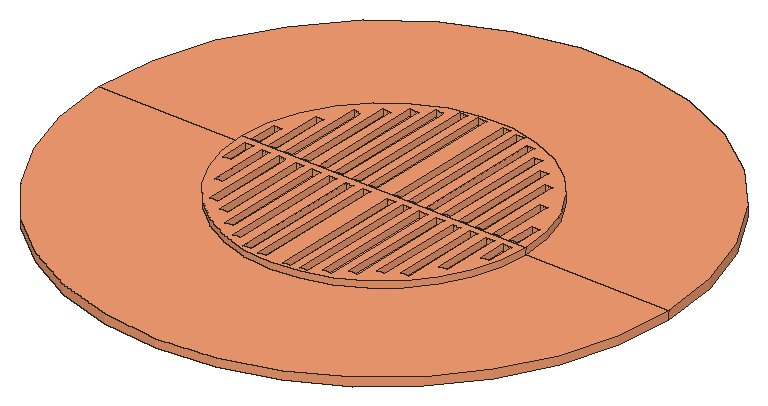
Revit family "Drain_Floor-Jay R.Smith-Round-Type-DX2312_Series", category Plumbing Fixtures, Revit 2019
Family settings
  Round Connector Dimension = Use Radius
  Part Type = Normal
  OmniClass Number = 23.70.50.21.24
  OmniClass Title = Waste Water Drains
  Work Plane-Based = Yes
  Always vertical = Yes
  Cut with Voids When Loaded = No
  Shared = No
  Room Calculation Point = No
Parameters (values of type "DX2312T 02")
  Waste Connection = yes
  Vent Connection = no
  URL = "http://www.jrsmith.com"
  U - Vandal Proof Grate = no
  Type Comments = "Less Bucket"
  T - Threaded Outlet = no
  Strainer Diameter = 8 1/2"  # constant formula
  SH - Securing Holes = no
  Quad Close Trap Seal = no
  Product Page URL = "https://www.jrsmith.com/floor-drain-dx2312"
  Product Documentation Link = "https://www.jrsmith.com/uploads/fileLibrary/ddx2312.pdf"
  PB - Polished Bronze Top = no
  Outlet Connection Description = "2\" Threaded Outlet Connection"
  NO-HUB Adaptor = no
  NB - Nickel Bronze Top = no
  Model = "DX2312T 02"
  Material = "Cast Iron-Jay R Smith-Duco Coated"
  Manufacturer = "Jay R. Smith "  # constant formula
  Load Rating = "'Light Duty having a Safe Live (Static) Load less than 2,000 lbs. (900 kg) per ASME A112.6.3 Floor Drain Standard."  # constant formula
  Height = Adjustable Height Constraint + Body Height  # 3 11/16"
  HW Connection = no
  G - Galvanized Cast Iron = no
  Finish = Cast Iron-Jay R Smith-Duco Coated
  Diameter = 17"  # constant formula
  Description = "Floor Drain with Adjustable Lip Dimension"  # constant formula
  Default Elevation = 0"
  Creation Date = "06/27/2023"  # constant formula
  Connection Size = 2"
  Connection Radius = Connection Size / 2  # 1"
  CW Connection = no
  Body Height = 3 1/2"
  Assembly Code = "D2030300"
  Adjustable Height Constraint = if(Adjustable Height < 3/16", 3/16", if(Adjustable Height > 5/8", 5/8", Adjustable Height))  # 3/16"
  Adjustable Height = 3/16"
Types (12): name | Type Comments | Outlet Connection Description | Model | Height | Connection Size | Connection Radius | Body Height
  DX2312C 02 | "Less Bucket" | "2\" Caulk Outlet Connection" | "DX2312C 02" | 4 11/16" | 2" | 1" | 4 1/2"
  DX2312C 03 | "Less Bucket" | "3\" Caulk Outlet Connection" | "DX2312C 03" | 4 11/16" | 3" | 1 1/2" | 4 1/2"
  DX2312C 04 | "Less Bucket" | "4\" Caulk Outlet Connection" | "DX2312C 04" | 4 11/16" | 4" | 2" | 4 1/2"
  DX2312CB 02 | "Safe Set Bucket" | "2\" Caulk Outlet Connection" | "DX2312CB 02" | 4 11/16" | 2" | 1" | 4 1/2"
  DX2312CB 03 | "Safe Set Bucket" | "3\" Caulk Outlet Connection" | "DX2312CB 03" | 4 11/16" | 3" | 1 1/2" | 4 1/2"
  DX2312CB 04 | "Safe Set Bucket" | "4\" Caulk Outlet Connection" | "DX2312CB 04" | 4 11/16" | 4" | 2" | 4 1/2"
  DX2312T 02 | "Less Bucket" | "2\" Threaded Outlet Connection" | "DX2312T 02" | 3 11/16" | 2" | 1" | 3 1/2"
  DX2312T 03 | "Less Bucket" | "3\" Threaded Outlet Connection" | "DX2312T 03" | 3 11/16" | 3" | 1 1/2" | 3 1/2"
  DX2312T 04 | "Less Bucket" | "4\" Threaded Outlet Connection" | "DX2312T 04" | 3 11/16" | 4" | 2" | 3 1/2"
  DX2312TB 02 | "Safe Set Bucket" | "2\" Threaded Outlet Connection" | "DX2312TB 02" | 3 11/16" | 2" | 1" | 3 1/2"
  DX2312TB 03 | "Safe Set Bucket" | "3\" Threaded Outlet Connection" | "DX2312TB 03" | 3 11/16" | 3" | 1 1/2" | 3 1/2"
  DX2312TB 04 | "Safe Set Bucket" | "4\" Threaded Outlet Connection" | "DX2312TB 04" | 3 11/16" | 4" | 2" | 3 1/2"
Reference planes (in)
  plane 1 "Center (Front/Back)": y = 0
  plane 2: z = 0
  plane 3 "Center (Left/Right)": x = -0.54782
  plane 4: x = -9.04782
  plane 5: x = 7.95218
  plane 6: x = -4.79782
  plane 7: x = 3.70218
  plane 8: z = -3.1875
  plane 9: z = -3.6875
  plane 10: z = -0.1875
Forms (in)
  Revolve 1, solid, material "Cast Iron-Jay R Smith-Duco Coated" <- "Finish"
    sketch origin (0, 0, 0) x (1, 0, 0) y (0, 0, 1)
      loop
        line (3.70218, -0.4375) -> (7.95218, -0.4375) -> (7.95218, -0.1875) -> (3.70218, -0.1875) -> (3.70218, 0) -> (-0.54782, 0) -> (-0.54782, -3.1875) -> (1.88261, -3.1875)
        arc (1.88261, -3.1875) -> (1.98392, -3.14554) -> (2.02588, -3.04422) r 0.14328
        line (2.02588, -3.04422) -> (2.02588, -2.70776) -> (2.45862, -2.70776)
        arc (2.45862, -2.70776) -> (2.66597, -2.66651) -> (2.84175, -2.54906) r 0.54182
        line (2.84175, -2.54906) -> (3.39016, -2.00065) -> (3.39016, -1.03489)
        arc (3.39016, -1.03489) -> (3.41868, -0.96603) -> (3.48755, -0.9375) r 0.09739
        line (3.48755, -0.9375) -> (3.55426, -0.9375)
        arc (3.55426, -0.9375) -> (3.65886, -0.89418) -> (3.70218, -0.78958) r 0.14792
        line (3.70218, -0.78958) -> (3.70218, -0.4375)
      axis (-0.54782, 0) -> (-0.54782, -3.1875)
    angle from 0 to 360
  Revolve 2, solid, material "Cast Iron-Jay R Smith-Duco Coated" <- "Finish"
    sketch origin (0, 0, 0) x (1, 0, 0) y (0, 0, 1)
      loop
        line (-0.54782, -2.00065) -> (-0.54782, -3.6875) -> (0.45218, -3.6875) -> (0.45218, -2.00065) -> (-0.54782, -2.00065)
      axis (-0.54782, -2.00065) -> (-0.54782, -3.6875)
    angle from 0 to 360
  Extrusion 3, void
    sketch origin (0, 0, 0) x (1, 0, 0) y (0, 1, 0)
      loop
        line (-4.02062, 1.78613) -> (-4.02062, 0.03019) -> (-3.77062, 0.03019) -> (-3.77062, 1.78613) -> (-4.02062, 1.78613)
      loop
        line (-4.02062, -1.96387) -> (-3.77062, -1.96387) -> (-3.77062, -0.20793) -> (-4.02062, -0.20793) -> (-4.02062, -1.96387)
      loop
        line (-3.52062, 2.59721) -> (-3.52062, 0.03019) -> (-3.27062, 0.03019) -> (-3.27062, 2.59721) -> (-3.52062, 2.59721)
      loop
        line (-3.52062, -2.77495) -> (-3.27062, -2.77495) -> (-3.27062, -0.20793) -> (-3.52062, -0.20793) -> (-3.52062, -2.77495)
      loop
        line (-4.52062, 0.84663) -> (-4.52062, 0.03019) -> (-4.27062, 0.03019) -> (-4.27062, 0.84663) -> (-4.52062, 0.84663)
      loop
        line (-4.52062, -1.02436) -> (-4.27062, -1.02436) -> (-4.27062, -0.20793) -> (-4.52062, -0.20793) -> (-4.52062, -1.02436)
      loop
        line (-3.02062, 3.04415) -> (-3.02062, 0.03019) -> (-2.77062, 0.03019) -> (-2.77062, 3.04415) -> (-3.02062, 3.04415)
      loop
        line (-2.52062, 3.45087) -> (-2.52062, 0.03019) -> (-2.27062, 0.03019) -> (-2.27062, 3.45087) -> (-2.52062, 3.45087)
      loop
        line (-2.02062, 3.79501) -> (-2.02062, 0.03019) -> (-1.77062, 0.03019) -> (-1.77062, 3.79501) -> (-2.02062, 3.79501)
      loop
        line (-1.52062, 4.03636) -> (-1.52062, 0.03019) -> (-1.27062, 0.03019) -> (-1.27062, 4.03636) -> (-1.52062, 4.03636)
      loop
        line (-1.02062, 4.10238) -> (-1.02062, 0.03019) -> (-0.77062, 0.03019) -> (-0.77062, 4.10238) -> (-1.02062, 4.10238)
      loop
        line (-3.02062, -3.04415) -> (-2.77062, -3.04415) -> (-2.77062, -0.20793) -> (-3.02062, -0.20793) -> (-3.02062, -3.04415)
      loop
        line (-2.52062, -3.45087) -> (-2.27062, -3.45087) -> (-2.27062, -0.20793) -> (-2.52062, -0.20793) -> (-2.52062, -3.45087)
      loop
        line (-2.02062, -3.79501) -> (-1.77062, -3.79501) -> (-1.77062, -0.20793) -> (-2.02062, -0.20793) -> (-2.02062, -3.79501)
      loop
        line (-1.52062, -4.03636) -> (-1.27062, -4.03636) -> (-1.27062, -0.20793) -> (-1.52062, -0.20793) -> (-1.52062, -4.03636)
      loop
        line (-1.02062, -4.099) -> (-0.77062, -4.099) -> (-0.77062, -0.20793) -> (-1.02062, -0.20793) -> (-1.02062, -4.099)
      loop
        line (2.92499, 1.78613) -> (2.67499, 1.78613) -> (2.67499, 0.03019) -> (2.92499, 0.03019) -> (2.92499, 1.78613)
      loop
        line (2.92499, -1.96387) -> (2.92499, -0.20793) -> (2.67499, -0.20793) -> (2.67499, -1.96387) -> (2.92499, -1.96387)
      loop
        line (2.42499, 2.59721) -> (2.17499, 2.59721) -> (2.17499, 0.03019) -> (2.42499, 0.03019) -> (2.42499, 2.59721)
      loop
        line (2.42499, -2.77495) -> (2.42499, -0.20793) -> (2.17499, -0.20793) -> (2.17499, -2.77495) -> (2.42499, -2.77495)
      loop
        line (3.42499, 0.84663) -> (3.17499, 0.84663) -> (3.17499, 0.03019) -> (3.42499, 0.03019) -> (3.42499, 0.84663)
      loop
        line (3.42499, -1.02436) -> (3.42499, -0.20793) -> (3.17499, -0.20793) -> (3.17499, -1.02436) -> (3.42499, -1.02436)
      loop
        line (1.92499, 3.04415) -> (1.67499, 3.04415) -> (1.67499, 0.03019) -> (1.92499, 0.03019) -> (1.92499, 3.04415)
      loop
        line (1.42499, 3.45087) -> (1.17499, 3.45087) -> (1.17499, 0.03019) -> (1.42499, 0.03019) -> (1.42499, 3.45087)
      loop
        line (0.92499, 3.79501) -> (0.67499, 3.79501) -> (0.67499, 0.03019) -> (0.92499, 0.03019) -> (0.92499, 3.79501)
      loop
        line (0.42499, 4.03636) -> (0.17499, 4.03636) -> (0.17499, 0.03019) -> (0.42499, 0.03019) -> (0.42499, 4.03636)
      loop
        line (1.92499, -3.04415) -> (1.92499, -0.20793) -> (1.67499, -0.20793) -> (1.67499, -3.04415) -> (1.92499, -3.04415)
      loop
        line (1.42499, -3.45087) -> (1.42499, -0.20793) -> (1.17499, -0.20793) -> (1.17499, -3.45087) -> (1.42499, -3.45087)
      loop
        line (0.92499, -3.79501) -> (0.92499, -0.20793) -> (0.67499, -0.20793) -> (0.67499, -3.79501) -> (0.92499, -3.79501)
      loop
        line (0.42499, -4.03636) -> (0.42499, -0.20793) -> (0.17499, -0.20793) -> (0.17499, -4.03636) -> (0.42499, -4.03636)
      loop
        line (-0.03113, 4.10238) -> (-0.28113, 4.10238) -> (-0.28113, 0.03019) -> (-0.03113, 0.03019) -> (-0.03113, 4.10238)
      loop
        line (-0.03113, -4.099) -> (-0.03113, -0.20793) -> (-0.28113, -0.20793) -> (-0.28113, -4.099) -> (-0.03113, -4.099)
    from -0.1875 to 0
Cuts and joins
  Extrusion 3 cuts Revolve 1
Lines and regions (in)
  symbolic lines, detail levels fine
    curve 1: circle (-0.52587, 0, 0) r 4.5 normal (0, 0, 1)
Dimensions and locks (in)
  "Connection Radius": Revolve 2 sketch curve to Revolve 2 sketch curve
  equal spacing: plane 5, plane 3 "Center (Left/Right)", plane 4
  "Diameter": plane 5 to plane 4
  equal spacing: plane 7, plane 3 "Center (Left/Right)", plane 6
  "Strainer Diameter": plane 7 to plane 6
  "Adjustable Height Constraint": level to plane 10
  "Body Height": plane 10 to plane 9
  locked: Revolve 1 sketch curve to Revolve 1 sketch curve at 0.25
  locked: plane 10 to plane 8 at 3
  aligned and locked: Revolve 1 sketch curve to plane 3 "Center (Left/Right)"
  aligned and locked: level to Revolve 1 sketch curve
  aligned and locked: Revolve 2 sketch curve to plane 3 "Center (Left/Right)"
  aligned and locked: plane 3 "Center (Left/Right)" to Revolve 2 sketch curve
  aligned and locked: Revolve 1 to Extrusion 3
  aligned and locked: Revolve 1 sketch curve to plane 5
  aligned and locked: Revolve 1 sketch curve to plane 7
  aligned and locked: plane 8 to Revolve 1 sketch curve
  aligned and locked: plane 9 to Revolve 2 sketch curve
  aligned and locked: Revolve 2 sketch curve to cut or joined group of Revolve 1, Extrusion 3
  aligned and locked: plane 10 to Revolve 1 sketch curve
Automatic sketch dimensions
  plane 1 "Center (Front/Back)" to curve 1 = 0"
  plane 3 "Center (Left/Right)" to curve 1 = 0.02194"
  plane 6 to Extrusion 3 sketch curve = 0.27719"
  Extrusion 3 sketch curve to Extrusion 3 sketch curve = 0"  (x23)
  Extrusion 3 sketch curve to Extrusion 3 sketch curve = 1/4"  (x36)
  Extrusion 3 sketch curve to plane 1 "Center (Front/Back)" = 0.03019"  (x16)
  Extrusion 3 sketch curve to plane 3 "Center (Left/Right)" = 0.22281"  (x2)
  plane 3 "Center (Left/Right)" to Extrusion 3 sketch curve = 0.26669"
  Extrusion 3 sketch curve to Extrusion 3 sketch curve = 0.20612"  (x2)
  plane 7 to Extrusion 3 sketch curve = 0.52719"
  plane 1 "Center (Front/Back)" to Extrusion 3 sketch curve = 0.20793"  (x15)
  Extrusion 3 sketch curve to Extrusion 3 sketch curve = 0.81644"  (x4)
  Extrusion 3 sketch curve to Extrusion 3 sketch curve = 0.9395"  (x4)
  Extrusion 3 sketch curve to Extrusion 3 sketch curve = 0.81108"  (x4)
  Extrusion 3 sketch curve to Extrusion 3 sketch curve = 0.26921"  (x2)
  Extrusion 3 sketch curve to Extrusion 3 sketch curve = 0.40671"  (x4)
  Extrusion 3 sketch curve to Extrusion 3 sketch curve = 0.34414"  (x4)
  Extrusion 3 sketch curve to Extrusion 3 sketch curve = 0.24135"  (x4)
  Extrusion 3 sketch curve to Extrusion 3 sketch curve = 0.06264"
  Extrusion 3 sketch curve to Extrusion 3 sketch curve = 0.44694"  (x2)
  Extrusion 3 sketch curve to Extrusion 3 sketch curve = 0.06602"  (x2)
  Revolve 1 sketch curve to plane 3 "Center (Left/Right)" = 0"
  plane 7 to Revolve 1 sketch curve = 0"
  plane 7 to Revolve 1 sketch curve = 1.81958"
  Revolve 1 sketch curve to Revolve 1 sketch curve = 0.14328"
  Revolve 1 sketch curve to Revolve 1 sketch curve = 0.43274"
  Revolve 1 sketch curve to Revolve 1 sketch curve = 0.38313"
  plane 7 to Revolve 1 sketch curve = 0.31203"
  Revolve 1 sketch curve to Revolve 1 sketch curve = 0.09739"
  Revolve 1 sketch curve to Revolve 1 sketch curve = 0.06671"
  Revolve 1 sketch curve to Revolve 1 sketch curve = 0.33647"
  Revolve 1 sketch curve to Revolve 1 sketch curve = 0.1587"
  Revolve 1 sketch curve to Revolve 1 sketch curve = 0.54841"
  Revolve 1 sketch curve to Revolve 1 sketch curve = 0.96576"
  Revolve 1 sketch curve to plane 9 = 14 1/2"
  Revolve 1 sketch curve to Revolve 1 sketch curve = 1 3/4"
  Revolve 2 sketch curve to plane 9 = 1 3/4"
  level to Revolve 2 sketch curve = 1 3/4"
  radius of curve 1 = 4 1/2"
Connectors (in)
  piping at (-0.54782, 0, -3.6875), diameter 2, driven by "Connection Radius", driven by "Outlet Connection Description"
    settings: on Revolve 2, index 1, connector inside diameter 24", connector length 0", flow factor 0, pipe flow 0 GPM, pressure drop 0.00 psi, fitting loss kfactor 0, connector angle 0.00°, fixture units 0, engagement length 0", angle of deflection 0.00°, flow configuration 0, flow direction 2, fitting loss method 0, system type 16, joint type 0, gender type 0, connector reference index -1, connector utility 0, adjustable connector no, is connector primary yes, connector description "2\" Threaded Outlet Connection"
